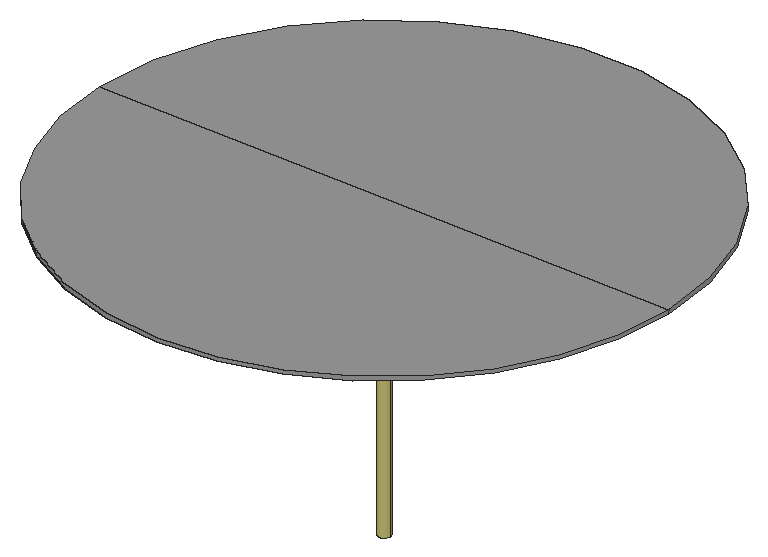
Revit family "Notes-LivingDivani", category Furniture, Revit 2014
Parameters (values of type "Tav.Pietra 140cm")
  URL = "http://www.livingdivani.it"
  Tavolo vetro o pietra = yes
  Tavolo vetro = not(Tavolo pietra)  # no
  Tavolo pietra = Tavolo vetro o pietra  # yes
  Tavolo piccolo = and(Tavolo grande o piccolo, (Raggio tavolo) < 81 cm)  # no
  Tavolo grande o piccolo = no
  Tavolo grande = and(Tavolo grande o piccolo, (Raggio tavolo) > 81 cm)  # no
  Raggio tavolo = 70 cm
  Model = "Notes"
  Mat. vetro = Glass, Clear Glazing, Tempered
  Mat. pietra = Stone
  Mat. Tavolo = Zinc
  Mat. Gambe = Zinc
  Manufacturer = "LivingDivani"
  Codice prodotto = "NOTV140"
Types (6, lengths in cm): name | Tavolo vetro o pietra | Tavolo vetro | Tavolo pietra | Tavolo piccolo | Tavolo grande o piccolo | Tavolo grande | Raggio tavolo | Codice prodotto
  Tav.Pietra 140cm | yes | no | yes | no | no | no | 70 | "NOTV140"
  Tav. Vetro 140cm | no | yes | no | no | no | no | 70 | "NOTV140"
  Tav. Vetro 160cm | no | yes | no | yes | yes | no | 80 | "NOTV160"
  Tav. Pietra 160cm | yes | no | yes | yes | yes | no | 80 | "NOTV160"
  Tav. Pietra 180cm | yes | no | yes | no | yes | yes | 90 | "NOTV180"
  Tav. Vetro 180cm | no | yes | no | no | yes | yes | 90 | "NOTV180"
Reference planes (cm)
  plane 1 "Centro (Fronte/Retro)": y = 0
  plane 2: z = 0
  plane 3 "Centro (Sinistra/Destra)": x = 0
  plane 4 "a": z = 73.5
Forms (cm)
  Sweep 1, solid, material "Zinc" <- "Mat. Gambe", visible <- "Tavolo piccolo"
    path origin (0, 0, 0) x (1, 0, 0) y (0, 1, 0)
      loop
        line (0, 0) -> (38.5381, -22.25)
    profile origin (19.2691, -11.125, 0) x (0.5, 0.866025, 0) y (0, 0, 1)
      loop
        line (0, 29) -> (-0.75, 29) -> (-0.75, 21) -> (0.75, 21) -> (0.75, 29) -> (0, 29)
  Sweep 2, solid, material "Zinc" <- "Mat. Gambe", visible <- "Tavolo piccolo"
    path origin (0, 0, 0) x (1, 0, 0) y (0, 1, 0)
      loop
        line (0, 0) -> (-38.5381, -22.25)
    profile origin (-19.2691, -11.125, 0) x (0.5, -0.866025, 0) y (0, 0, 1)
      loop
        line (0, 40) -> (-0.75, 40) -> (-0.75, 32) -> (0.75, 32) -> (0.75, 40) -> (0, 40)
  Sweep 3, solid, material "Zinc" <- "Mat. Gambe", visible <- "Tavolo piccolo"
    path origin (0, 0, 47) x (1, 0, 0) y (0, 1, 0)
      loop
        line (0, 0) -> (0, 44.5)
    profile origin (0, 22.25, 47) x (-1, 0, 0) y (0, 0, 1)
      loop
        line (0, 4) -> (-0.75, 4) -> (-0.75, -4) -> (0.75, -4) -> (0.75, 4) -> (0, 4)
  Revolve 4, solid, material "Stone" <- "Mat. pietra", visible <- "Tavolo pietra"
    sketch origin (0, 0, 0) x (1, 0, 0) y (0, 0, 1)
      loop
        line (0, 73) -> (0, 71) -> (60, 71) -> (70, 73) -> (0, 73)
      axis (0, 73) -> (0, 71)
    angle from 0 to 360
  Revolve 5, solid, material "Glass, Clear Glazing, Tempered" <- "Mat. vetro", visible <- "Tavolo vetro"
    sketch origin (0, 0, 0) x (1, 0, 0) y (0, 0, 1)
      loop
        line (0, 73.5) -> (0, 73) -> (70, 73) -> (70, 74) -> (0, 74) -> (0, 73.5)
      axis (0, 74) -> (0, 73)
    angle from 0 to 360
  Revolve 6, solid, material "Stone" <- "Mat. pietra", visible <- "Tavolo pietra"
    sketch origin (0, 0, 0) x (1, 0, 0) y (0, 0, 1)
      loop
        line (0, 73.5) -> (0, 73) -> (70, 73) -> (70, 74) -> (0, 74) -> (0, 73.5)
      axis (0, 74) -> (0, 73)
    angle from 0 to 360
  Sweep 7, solid, material "Zinc" <- "Mat. Gambe", visible <- "Tavolo grande"
    path origin (0, 0, 43) x (0, 1, 0) y (0, 0, 1)
      loop
        line (0, 0) -> (70, 0)
    profile origin (0, 35, 43) x (0, 0, 1) y (1, 0, 0)
      loop
        line (8, -0.5) -> (8, 1) -> (0, 1) -> (0, -1) -> (8, -1) -> (8, -0.5)
  Sweep 8, solid, material "Zinc" <- "Mat. Gambe", visible <- "Tavolo grande"
    path origin (0, 0, 43) x (0.866025, -0.5, 0) y (0, 0, 1)
      loop
        line (0, 0) -> (70, 0)
    profile origin (30.3109, -17.5, 43) x (0, 0, 1) y (-0.5, -0.866025, 0)
      loop
        line (-14, -0.5) -> (-14, 1) -> (-22, 1) -> (-22, -1) -> (-14, -1) -> (-14, -0.5)
  Sweep 9, solid, material "Zinc" <- "Mat. Gambe", visible <- "Tavolo grande"
    path origin (0, 0, 43) x (-0.866025, -0.5, 0) y (0, 0, 1)
      loop
        line (0, 0) -> (70, 0)
    profile origin (-30.3109, -17.5, 43) x (0, 0, 1) y (-0.5, 0.866025, 0)
      loop
        line (-3, -0.5) -> (-3, 1) -> (-11, 1) -> (-11, -1) -> (-3, -1) -> (-3, -0.5)
Dimensions and locks (cm)
  "Raggio tavolo": Revolve 4 sketch curve to plane 3 "Centro (Sinistra/Destra)"
  "Raggio tavolo": Revolve 5 sketch curve to plane 3 "Centro (Sinistra/Destra)"
  "Raggio tavolo": Revolve 6 sketch curve to plane 3 "Centro (Sinistra/Destra)"
  aligned and locked: level to plane 2
Automatic sketch dimensions
  plane 1 "Centro (Fronte/Retro)" to Sweep 1 sketch curve = 0 cm
  Sweep 1 sketch curve to plane 3 "Centro (Sinistra/Destra)" = 0 cm
  plane 3 "Centro (Sinistra/Destra)" to Sweep 1 sketch curve = 38.5381 cm
  plane 1 "Centro (Fronte/Retro)" to Sweep 1 sketch curve = 22.25 cm
  Sweep 1 sketch curve to profile plane = 0 cm
  profile plane to Sweep 1 sketch curve = 0.75 cm
  Sweep 1 sketch curve to profile plane = 0.75 cm
  profile plane to Sweep 1 sketch curve = 21 cm
  Sweep 1 sketch curve to Sweep 1 sketch curve = 8 cm
  plane 1 "Centro (Fronte/Retro)" to Sweep 2 sketch curve = 0 cm
  Sweep 2 sketch curve to plane 3 "Centro (Sinistra/Destra)" = 0 cm
  Sweep 2 sketch curve to plane 3 "Centro (Sinistra/Destra)" = 38.5381 cm
  plane 1 "Centro (Fronte/Retro)" to Sweep 2 sketch curve = 22.25 cm
  Sweep 2 sketch curve to profile plane = 0 cm
  profile plane to Sweep 2 sketch curve = 0.75 cm
  Sweep 2 sketch curve to profile plane = 0.75 cm
  profile plane to Sweep 2 sketch curve = 32 cm
  Sweep 2 sketch curve to Sweep 2 sketch curve = 8 cm
  Sweep 3 sketch curve to plane 3 "Centro (Sinistra/Destra)" = 0 cm
  plane 1 "Centro (Fronte/Retro)" to Sweep 3 sketch curve = 0 cm
  Sweep 3 sketch curve to plane 1 "Centro (Fronte/Retro)" = 44.5 cm
  Sweep 3 sketch curve to profile plane = 0 cm
  profile plane to Sweep 3 sketch curve = 0.75 cm
  Sweep 3 sketch curve to profile plane = 0.75 cm
  Sweep 3 sketch curve to profile plane = 4 cm
  profile plane to Sweep 3 sketch curve = 4 cm
  Sweep 7 sketch curve to Sweep 7 sketch curve = 70 cm
  Sweep 7 sketch curve to profile plane = 0 cm
  Sweep 7 sketch curve to profile plane = 0.5 cm
  Sweep 7 sketch curve to profile plane = 8 cm
  Sweep 7 sketch curve to Sweep 7 sketch curve = 0.5 cm
  profile plane to Sweep 7 sketch curve = 1 cm
  Sweep 8 sketch curve to Sweep 8 sketch curve = 70 cm
  Sweep 9 sketch curve to Sweep 9 sketch curve = 70 cm
  Sweep 8 sketch curve to plane 4 "a" = 30.5 cm
  Sweep 9 sketch curve to plane 4 "a" = 30.5 cm
  profile plane to Sweep 9 sketch curve = 1 cm
  profile plane to Sweep 9 sketch curve = 11 cm
  Sweep 9 sketch curve to profile plane = 0.5 cm
  profile plane to Sweep 9 sketch curve = 3 cm
  Sweep 9 sketch curve to Sweep 9 sketch curve = 0.5 cm
  profile plane to Sweep 8 sketch curve = 1 cm
  profile plane to Sweep 8 sketch curve = 22 cm
  Sweep 8 sketch curve to profile plane = 0.5 cm
  Sweep 8 sketch curve to Sweep 8 sketch curve = 8 cm
  Sweep 8 sketch curve to Sweep 8 sketch curve = 0.5 cm
  Revolve 4 sketch curve to plane 3 "Centro (Sinistra/Destra)" = 0 cm  (x2)
  Revolve 4 sketch curve to plane 4 "a" = 2.5 cm
  Revolve 4 sketch curve to Revolve 4 sketch curve = 10 cm
  Revolve 4 sketch curve to plane 4 "a" = 0.5 cm
  Revolve 4 sketch curve to Revolve 4 sketch curve = 7 cm
  plane 4 "a" to Revolve 4 sketch curve = 22 cm
  Revolve 5 sketch curve to plane 3 "Centro (Sinistra/Destra)" = 0 cm  (x2)
  Revolve 5 sketch curve to plane 4 "a" = 0 cm
  Revolve 5 sketch curve to plane 4 "a" = 0.5 cm
  Revolve 5 sketch curve to Revolve 5 sketch curve = 0.5 cm
  Revolve 5 sketch curve to Revolve 5 sketch curve = 16 cm
  Revolve 5 sketch curve to Revolve 5 sketch curve = 34 cm
  Revolve 6 sketch curve to plane 3 "Centro (Sinistra/Destra)" = 0 cm  (x2)
  Revolve 6 sketch curve to plane 4 "a" = 0 cm
  Revolve 6 sketch curve to plane 4 "a" = 0.5 cm
  Revolve 6 sketch curve to Revolve 6 sketch curve = 0.5 cm
  Revolve 6 sketch curve to Revolve 6 sketch curve = 17 cm
  Revolve 6 sketch curve to Revolve 6 sketch curve = 42 cm
Nested families (cm)
  nested 1: "gamba" at (0, 0, 0), type "Sgabello"
  nested 2: "gamba" at (0, 44.5, 0), visible <- "Tavolo piccolo", type "Sgabello"
  nested 3: "gamba" at (-38.5381, -22.25, 0), visible <- "Tavolo piccolo", type "Sgabello"
  nested 4: "gamba" at (38.5381, -22.25, 0), visible <- "Tavolo piccolo", type "Sgabello"
  nested 5: "gamba" at (0, 70, 0), visible <- "Tavolo grande", type "Sgabello"
  nested 6: "gamba" at (60.6218, -35, 0) x (-0.5, -0.866, 0) z (0, 0, 1), visible <- "Tavolo grande", type "Sgabello"
  nested 7: "gamba" at (-60.6218, -35, 0) x (-0.5, 0.866, 0) z (0, 0, 1), visible <- "Tavolo grande", type "Sgabello"
Definition of nested family "gamba"
  Parameters (values of type "Sgabello")
    URL = "http://www.livingdivani.it"
    Tavolo vetro = yes
    Model = "Imago"
    Mat. sost = Steel
    Mat. Tavolo = Glass, Clear Glazing, Tempered
    Mat. Gambe = Zinc
    Manufacturer = "LivingDivani"
    Codice prodotto = ""
  Reference planes (cm)
    plane 1 "Centro (Fronte/Retro)": y = 0
    plane 2: z = 0
    plane 3 "Centro (Sinistra/Destra)": x = 0
    plane 4 "a": z = 73.5
  Forms (cm)
    Extrusion 1, solid, material "Zinc" <- "Mat. Gambe"
      sketch origin (0, 0, 0) x (1, 0, 0) y (0, 1, 0)
        loop
          circle (0, 0) r 1.5
      from 0 to 71
    Extrusion 2, solid, material "Steel" <- "Mat. sost", visible <- "Tavolo vetro"
      sketch origin (0, 0, 0) x (1, 0, 0) y (0, 1, 0)
        loop
          circle (0, 0) r 1.5
      from 71 to 73
  Dimensions and locks (cm)
    aligned and locked: level to plane 2
